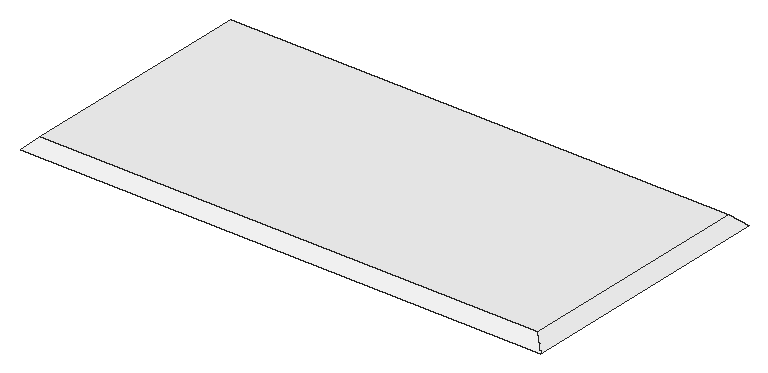
Revit family "Fabrisorb Panels - Bevel", category Specialty Equipment, Revit 2023
Family settings
  Round Connector Dimension = Use Diameter
  Part Type = Normal
  OmniClass Number = 23.35.00.00
  OmniClass Title = Covering, Cladding, and Finishes
  Work Plane-Based = Yes
  Enable Cutting in Views = Yes
  Always vertical = No
  Cut with Voids When Loaded = No
  Maintain Annotation Orientation = No
  Shared = No
  Room Calculation Point = No
Parameters (values of type "2 INCH THICK - 48X96")
  URL = "https://www.acousticalsurfaces.com/fabric_panel/fabric-wrapped-wall-panels.html"
  Type Comments = "Fabric Wrapped Acoustical Panels"
  Thickness = 0' - 2"
  Recycled Content Percentage = "0%"
  Model = "Fabrisorb Absorptive Fabric Wrapped Acoustical Panels"
  Material = "Fabrisorb"
  Manufacturer = "Acoustical Surfaces, Inc."
  Fire Rating = "ASTM E84 - Class A"
  Finish = Guilford of Maine Anchorage or FR701 Acoustic Fabric
  Description = "Fabric Wrapped Acoustical Panels"
  Default Elevation = 4' - 0"
  Width = 4' - 0"
  Length = 8' - 0"
  Assembly Code = "C30"
  Acoustics - NRC = "Sound absorption varies from NRC 0.45 to 0.95 based on installation method used when tested per ASTM C423."
  A = Thickness / 2  # 0' - 1"
Types (6): name | Thickness | Width | Length | A
  2 INCH THICK - 48X96 | 0' - 2" | 4' - 0" | 8' - 0" | 0' - 1"
  2 INCH THICK - 24X48 | 0' - 2" | 2' - 0" | 4' - 0" | 0' - 1"
  2 INCH THICK - 24X24 | 0' - 2" | 2' - 0" | 2' - 0" | 0' - 1"
  1 INCH THICK - 48X96 | 0' - 1" | 4' - 0" | 8' - 0" | 0' - 0 1/2"
  1 INCH THICK - 24X48 | 0' - 1" | 2' - 0" | 4' - 0" | 0' - 0 1/2"
  1 INCH THICK - 24X24 | 0' - 1" | 2' - 0" | 2' - 0" | 0' - 0 1/2"
Reference planes (in)
  plane 1 "Center (Front/Back)": y = 0
  plane 2: z = 0
  plane 3 "Center (Left/Right)": x = 0
  plane 4: x = -48
  plane 5: x = 48
  plane 6: y = 24
  plane 7: y = -24
  plane 8: z = 2
Forms (in)
  Extrusion 1, solid, material "Guilford of Maine Anchorage or FR701 Acoustic Fabric" <- "Finish"
    sketch origin (0, 0, 0) x (1, 0, 0) y (0, 1, 0)
      loop
        line (48, 24) -> (-48, 24) -> (-48, -24) -> (48, -24) -> (48, 24)
    from 0 to 2
  Sweep 2, void
    path in 3D
      loop
        line (48, 24, 2) -> (-48, 24, 2) -> (-48, -24, 2) -> (48, -24, 2) -> (48, 24, 2)
    profile "Triangle : Family2" origin (48, 0, 2) x (-1, 0, 0) y (0, 0, 1)
      loop
        line (2, 0) -> (0, 0) -> (0, -2) -> (2, 0)
Cuts and joins
  Sweep 2 cuts Extrusion 1
Lines and regions (in)
  sketch lines
    curve 1: line (48, -24, 2) -> (48, 24, 2)
    curve 2: line (-48, -24, 2) -> (48, -24, 2)
    curve 3: line (-48, 24, 2) -> (-48, -24, 2)
    curve 4: line (48, 24, 2) -> (-48, 24, 2)
Dimensions and locks (in)
  equal spacing: plane 4, plane 3 "Center (Left/Right)", plane 5
  equal spacing: plane 7, plane 1 "Center (Front/Back)", plane 6
  "Width": plane 7 to plane 6
  "Length": plane 4 to plane 5
  "Thickness": plane 8 to level
  aligned and locked: level to plane 2
  aligned and locked: Extrusion 1 sketch curve to plane 4
  aligned and locked: plane 5 to Extrusion 1 sketch curve
  aligned and locked: Extrusion 1 sketch curve to plane 6
  aligned and locked: Extrusion 1 sketch curve to plane 7
  aligned and locked: Extrusion 1 to plane 8
